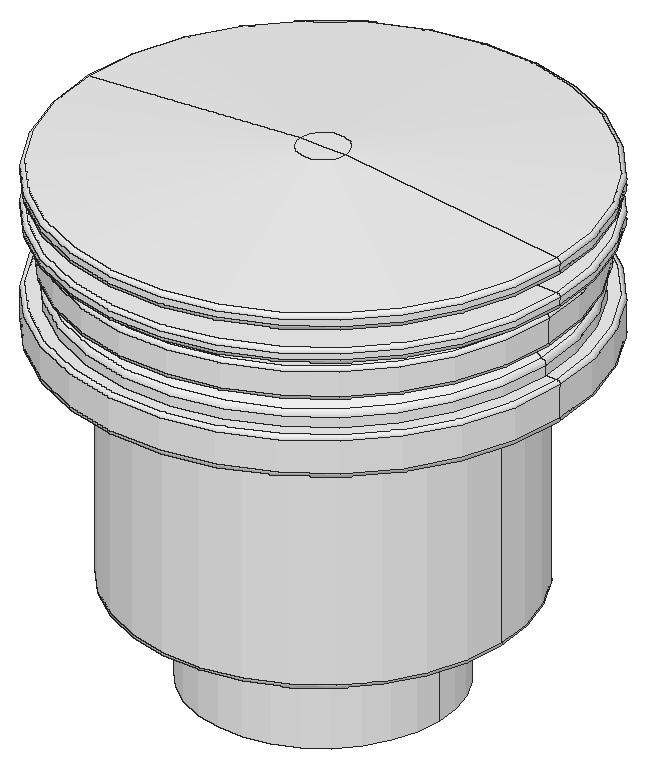
Revit family "Plum Fix_Waste_Argent_Pop Up Waste 32mm", category Plumbing Fixtures, Revit 2016
Family settings
  Part Type = Normal
  Round Connector Dimension = Use Diameter
  OmniClass Number = 23.45.55.21
  OmniClass Title = Drains (Wastes)
  Work Plane-Based = No
  Always vertical = Yes
  Cut with Voids When Loaded = No
  Shared = No
  Room Calculation Point = No
Parameters (values of type "Chrome")
  Waste Connection = yes
  WFU = 0
  Vent Connection = no
  URL = "https://www.argentaust.com.au/"
  Type Comments = "Chrome finish"  # constant formula
  ModifiedIssue_ANZRS = 20190423
  Model = "K316-D"  # constant formula
  Manufacturer_URL__Product Specific = "https://www.argentaust.com.au/argent-basins-bottletraps-wastes-pop-waste-32mm-2-piece?item=8546"
  Manufacturer_Spec Code = Model  # "K316-D"
  Manufacturer_Overall Width = 65 mm  # constant formula
  Manufacturer_Overall Height = 65 mm  # constant formula
  Manufacturer_Overall Depth = 65 mm  # constant formula
  Manufacturer_Height From FFL [instance] = 0 mm
  Manufacturer = "Argent"  # constant formula
  Keynote = ""
  HWFU = 0
  HW Connection = no
  Description = "Pop-Up Waste 32mm 2 Piece"  # constant formula
  CreatedBy_ANZRS = "IGS BIM Solutions"  # constant formula
  CreatedByURL_ANZRS = "https://igsgroup.com.au/"
  Cost = 0
  CWFU = 0
  CW Connection = no
  Body Material = z_Argent_Chrome
  Assembly Code = ""
Reference planes
  plane 1 "Ref. Level": z = 0
  plane 2 "Bottom": z = 0
  plane 3 "Center (Left/Right)": x = 37.431
  plane 4 "Center of tap": y = -236.14
  plane 5 "Top": z = 65
  plane 6 "Front": y = -268.64
  plane 7 "Right": x = 69.931
  plane 8 "Left": x = 4.931
  plane 9 "Back": y = -203.64
  plane 10 "Top Offset": z = 50
  plane 11 "Bottom Offset": z = 12
  plane 12 "Top Offset Ref.": z = 60.488
Forms (mm)
  Revolve 1, solid, material "z_Argent_Chrome" <- "Body Material"
    sketch origin (0, -236.14, 0) x (-1, 0, 0) y (0, 0, 1)
      loop
        line (-37.431, 0) -> (-21.431, 0) -> (-21.431, 12) -> (-37.431, 12) -> (-37.431, 0)
      axis (-37.431, 12) -> (-37.431, 0)
    angle from 0 to 360
  Revolve 2, solid, material "z_Argent_Chrome" <- "Body Material"
    sketch origin (0, -236.14, 26.351) x (-1, 0, 0) y (0, 0, 1)
      loop
        arc (-6.931, 24.813) -> (-6.577, 24.96) -> (-6.431, 25.313) r 0.5
        line (-6.431, 25.313) -> (-6.431, 28.313)
        arc (-6.431, 28.313) -> (-6.577, 28.667) -> (-6.931, 28.813) r 0.5
        line (-6.931, 28.813) -> (-37.431, 28.813) -> (-37.431, 24.813) -> (-6.931, 24.813)
      axis (-37.431, 28.813) -> (-37.431, 24.813)
    angle from 0 to 360
  Revolve 3, solid, material "z_Argent_Chrome" <- "Body Material"
    sketch origin (0, -236.14, 26.351) x (-1, 0, 0) y (0, 0, 1)
      loop
        line (-6.974, 21.197) -> (-6.974, 22.412)
        arc (-6.974, 22.412) -> (-7.11, 22.889) -> (-7.479, 23.22) r 0.899
        line (-7.479, 23.22) -> (-10.744, 24.813) -> (-37.431, 24.813) -> (-37.431, 21.197) -> (-6.974, 21.197)
      loop
        line (-37.431, 31.894) -> (-12.431, 31.894) -> (-12.431, 34.137) -> (-37.431, 34.137) -> (-37.431, 31.894)
      axis (-37.431, 34.137) -> (-37.431, 21.197)
    angle from 0 to 360
  Revolve 4, solid, material "z_Argent_Chrome" <- "Body Material"
    sketch origin (0, -236.14, 26.351) x (-1, 0, 0) y (0, 0, 1)
      loop
        line (-12.961, -13.831) -> (-12.961, 12.981)
        arc (-12.961, 12.981) -> (-12.759, 13.592) -> (-12.234, 13.964) r 1.028
        line (-12.234, 13.964) -> (-5.39, 16.056)
        arc (-5.39, 16.056) -> (-5.058, 16.291) -> (-4.931, 16.677) r 0.649
        line (-4.931, 16.677) -> (-4.931, 20.697)
        arc (-4.931, 20.697) -> (-5.077, 21.05) -> (-5.431, 21.197) r 0.5
        line (-5.431, 21.197) -> (-37.431, 21.197) -> (-37.431, -14.351) -> (-13.481, -14.351)
        arc (-13.481, -14.351) -> (-13.113, -14.199) -> (-12.961, -13.831) r 0.52
      loop
        line (-37.431, 31.894) -> (-37.431, 28.813) -> (-13.795, 28.813) -> (-8.965, 30.107) -> (-5.431, 30.107)
        arc (-5.431, 30.107) -> (-5.077, 30.254) -> (-4.931, 30.607) r 0.5
        line (-4.931, 30.607) -> (-4.931, 31.394)
        arc (-4.931, 31.394) -> (-5.077, 31.748) -> (-5.431, 31.894) r 0.5
        line (-5.431, 31.894) -> (-37.431, 31.894)
      loop
        line (-37.431, 34.139) -> (-5.531, 34.139)
        arc (-5.531, 34.139) -> (-5.106, 34.315) -> (-4.931, 34.739) r 0.6
        line (-4.931, 34.739) -> (-4.931, 35.555)
        arc (-4.931, 35.555) -> (-5.069, 35.934) -> (-5.418, 36.135) r 0.589
        arc (-5.418, 36.135) -> (-19.844, 38.019) -> (-34.38, 38.649) r 168.122
        line (-34.38, 38.649) -> (-37.431, 38.649) -> (-37.431, 34.139)
      axis (-37.431, 38.649) -> (-37.431, -14.351)
    angle from 0 to 360
Lines and regions (mm)
  Masking region 1
    outline origin (0, -268.64, 0) x (-1, 0, 0) y (0, 0, 1)
      loop
        line (-53.431, 0) -> (-21.431, 0) -> (-21.431, 12) -> (-13.431, 12)
        arc (-13.431, 12) -> (-13.077, 12.146) -> (-12.931, 12.5) r 0.5
        line (-12.931, 12.5) -> (-12.931, 39.369)
        arc (-12.931, 39.369) -> (-12.735, 39.964) -> (-12.223, 40.326) r 1
        line (-12.223, 40.326) -> (-5.378, 42.418)
        arc (-5.378, 42.418) -> (-5.055, 42.647) -> (-4.931, 43.023) r 0.632
        line (-4.931, 43.023) -> (-4.931, 47.048)
        arc (-4.931, 47.048) -> (-5.077, 47.401) -> (-5.431, 47.548) r 0.5
        line (-5.431, 47.548) -> (-6.974, 47.548) -> (-6.974, 48.713)
        arc (-6.974, 48.713) -> (-7.123, 49.232) -> (-7.524, 49.594) r 0.98
        line (-7.524, 49.594) -> (-10.744, 51.164) -> (-6.963, 51.164)
        arc (-6.963, 51.164) -> (-6.61, 51.311) -> (-6.463, 51.664) r 0.5
        line (-6.463, 51.664) -> (-6.463, 54.664)
        arc (-6.463, 54.664) -> (-6.61, 55.018) -> (-6.963, 55.164) r 0.5
        line (-6.963, 55.164) -> (-13.795, 55.164) -> (-8.965, 56.458) -> (-5.431, 56.458)
        arc (-5.431, 56.458) -> (-5.077, 56.605) -> (-4.931, 56.958) r 0.5
        line (-4.931, 56.958) -> (-4.931, 57.746)
        arc (-4.931, 57.746) -> (-5.077, 58.099) -> (-5.431, 58.246) r 0.5
        line (-5.431, 58.246) -> (-12.431, 58.246) -> (-12.431, 60.488) -> (-5.431, 60.488)
        arc (-5.431, 60.488) -> (-5.077, 60.635) -> (-4.931, 60.988) r 0.5
        line (-4.931, 60.988) -> (-4.931, 61.866)
        arc (-4.931, 61.866) -> (-5.08, 62.277) -> (-5.46, 62.495) r 0.639
        arc (-5.46, 62.495) -> (-19.183, 64.313) -> (-33.009, 65) r 168.895
        line (-33.009, 65) -> (-41.853, 65)
        arc (-41.853, 65) -> (-55.679, 64.313) -> (-69.402, 62.495) r 168.895
        arc (-69.402, 62.495) -> (-69.781, 62.277) -> (-69.931, 61.866) r 0.639
        line (-69.931, 61.866) -> (-69.931, 60.988)
        arc (-69.931, 60.988) -> (-69.784, 60.635) -> (-69.431, 60.488) r 0.5
        line (-69.431, 60.488) -> (-62.431, 60.488) -> (-62.431, 58.246) -> (-69.431, 58.246)
        arc (-69.431, 58.246) -> (-69.784, 58.099) -> (-69.931, 57.746) r 0.5
        line (-69.931, 57.746) -> (-69.931, 56.958)
        arc (-69.931, 56.958) -> (-69.784, 56.605) -> (-69.431, 56.458) r 0.5
        line (-69.431, 56.458) -> (-65.896, 56.458) -> (-61.067, 55.164) -> (-67.898, 55.164)
        arc (-67.898, 55.164) -> (-68.252, 55.018) -> (-68.398, 54.664) r 0.5
        line (-68.398, 54.664) -> (-68.398, 51.664)
        arc (-68.398, 51.664) -> (-68.252, 51.311) -> (-67.898, 51.164) r 0.5
        line (-67.898, 51.164) -> (-64.118, 51.164) -> (-67.337, 49.594)
        arc (-67.337, 49.594) -> (-67.739, 49.232) -> (-67.888, 48.713) r 0.98
        line (-67.888, 48.713) -> (-67.888, 47.548) -> (-69.431, 47.548)
        arc (-69.431, 47.548) -> (-69.784, 47.401) -> (-69.931, 47.048) r 0.5
        line (-69.931, 47.048) -> (-69.931, 43.023)
        arc (-69.931, 43.023) -> (-69.807, 42.647) -> (-69.483, 42.418) r 0.632
        line (-69.483, 42.418) -> (-62.638, 40.326)
        arc (-62.638, 40.326) -> (-62.127, 39.964) -> (-61.931, 39.369) r 1
        line (-61.931, 39.369) -> (-61.931, 12.5)
        arc (-61.931, 12.5) -> (-61.784, 12.146) -> (-61.431, 12) r 0.5
        line (-61.431, 12) -> (-53.431, 12) -> (-53.431, 0)
  Masking region 2
    outline origin (69.931, 0, 0) x (0, -1, 0) y (0, 0, 1)
      loop
        line (252.14, 0) -> (252.14, 12) -> (260.14, 12)
        arc (260.14, 12) -> (260.494, 12.146) -> (260.64, 12.5) r 0.5
        line (260.64, 12.5) -> (260.64, 39.479)
        arc (260.64, 39.479) -> (260.803, 39.974) -> (261.229, 40.274) r 0.832
        line (261.229, 40.274) -> (268.127, 42.383)
        arc (268.127, 42.383) -> (268.498, 42.645) -> (268.64, 43.077) r 0.726
        line (268.64, 43.077) -> (268.64, 47.048)
        arc (268.64, 47.048) -> (268.494, 47.401) -> (268.14, 47.548) r 0.5
        line (268.14, 47.548) -> (266.615, 47.548) -> (266.615, 48.717)
        arc (266.615, 48.717) -> (266.469, 49.226) -> (266.076, 49.58) r 0.961
        line (266.076, 49.58) -> (262.827, 51.164) -> (266.64, 51.164)
        arc (266.64, 51.164) -> (266.994, 51.311) -> (267.14, 51.664) r 0.5
        line (267.14, 51.664) -> (267.14, 54.664)
        arc (267.14, 54.664) -> (266.994, 55.018) -> (266.64, 55.164) r 0.5
        line (266.64, 55.164) -> (259.873, 55.164) -> (264.606, 56.458) -> (268.116, 56.458)
        arc (268.116, 56.458) -> (268.487, 56.612) -> (268.64, 56.982) r 0.524
        line (268.64, 56.982) -> (268.64, 57.765)
        arc (268.64, 57.765) -> (268.494, 58.119) -> (268.14, 58.265) r 0.5
        line (268.14, 58.265) -> (261.14, 58.265) -> (261.14, 60.488) -> (268.14, 60.488)
        arc (268.14, 60.488) -> (268.494, 60.635) -> (268.64, 60.988) r 0.5
        line (268.64, 60.988) -> (268.64, 61.835)
        arc (268.64, 61.835) -> (268.484, 62.267) -> (268.087, 62.498) r 0.674
        arc (268.087, 62.498) -> (254.582, 64.373) -> (240.961, 65) r 148.284
        line (240.961, 65) -> (231.319, 65)
        arc (231.319, 65) -> (217.699, 64.373) -> (204.193, 62.498) r 148.284
        arc (204.193, 62.498) -> (203.797, 62.267) -> (203.64, 61.835) r 0.674
        line (203.64, 61.835) -> (203.64, 60.988)
        arc (203.64, 60.988) -> (203.787, 60.635) -> (204.14, 60.488) r 0.5
        line (204.14, 60.488) -> (211.14, 60.488) -> (211.14, 58.265) -> (204.14, 58.265)
        arc (204.14, 58.265) -> (203.787, 58.119) -> (203.64, 57.765) r 0.5
        line (203.64, 57.765) -> (203.64, 56.982)
        arc (203.64, 56.982) -> (203.794, 56.612) -> (204.164, 56.458) r 0.524
        line (204.164, 56.458) -> (207.675, 56.458) -> (212.407, 55.164) -> (205.64, 55.164)
        arc (205.64, 55.164) -> (205.287, 55.018) -> (205.14, 54.664) r 0.5
        line (205.14, 54.664) -> (205.14, 51.664)
        arc (205.14, 51.664) -> (205.287, 51.311) -> (205.64, 51.164) r 0.5
        line (205.64, 51.164) -> (209.453, 51.164) -> (206.205, 49.58)
        arc (206.205, 49.58) -> (205.811, 49.226) -> (205.665, 48.717) r 0.961
        line (205.665, 48.717) -> (205.665, 47.548) -> (204.14, 47.548)
        arc (204.14, 47.548) -> (203.787, 47.401) -> (203.64, 47.048) r 0.5
        line (203.64, 47.048) -> (203.64, 43.077)
        arc (203.64, 43.077) -> (203.783, 42.645) -> (204.154, 42.383) r 0.726
        line (204.154, 42.383) -> (211.052, 40.274)
        arc (211.052, 40.274) -> (211.477, 39.974) -> (211.64, 39.479) r 0.832
        line (211.64, 39.479) -> (211.64, 12.5)
        arc (211.64, 12.5) -> (211.787, 12.146) -> (212.14, 12) r 0.5
        line (212.14, 12) -> (220.14, 12) -> (220.14, 0) -> (252.14, 0)
  Masking region 3
    outline origin (0, 0, 65) x (-1, 0, 0) y (0, -1, 0)
      loop
        circle (-37.431, 236.14) r 32.5
  symbolic lines, style "Waste Outlets", detail levels medium+fine
    curve 1: line (12.431, -268.64, 60.488) -> (62.431, -268.64, 60.488)
    curve 2: line (12.431, -268.64, 58.246) -> (62.431, -268.64, 58.246)
    curve 4: line (61.067, -268.64, 55.164) -> (13.795, -268.64, 55.164)
    curve 6: line (67.888, -268.64, 47.548) -> (6.974, -268.64, 47.548)
    curve 8: line (69.931, -261.14, 60.488) -> (69.931, -211.14, 60.488)
    curve 9: line (69.931, -211.14, 58.265) -> (69.931, -261.14, 58.265)
    curve 11: line (69.931, -212.407, 55.164) -> (69.931, -259.873, 55.164)
    curve 13: line (69.931, -205.665, 47.548) -> (69.931, -266.615, 47.548)
  symbolic lines, style "Waste Outlets", detail levels fine
    curve 3: line (8.965, -268.64, 56.458) -> (65.896, -268.64, 56.458)
    curve 5: line (10.744, -268.64, 51.164) -> (64.118, -268.64, 51.164)
    curve 7: line (53.431, -268.64, 12) -> (21.431, -268.64, 12)
    curve 10: line (69.931, -264.606, 56.458) -> (69.931, -207.675, 56.458)
    curve 12: line (69.931, -262.827, 51.164) -> (69.931, -209.453, 51.164)
    curve 14: line (69.931, -252.14, 12) -> (69.931, -220.14, 12)
Text (mm)
  text "Disclaimer:\n\nDue to ongoing product development and manufacturing evolution, product details are subject to change without notice. Please refer to product technical data sheets on the manufacturer’s website for the most current product information. Please allow a +/- 5mm manufacturing tolerance for dimensions and set-outs shown in product literature." at (114.034, -167.777, 0), in view "Ref. Level_Instruction"
Dimensions and locks
  "Manufacturer_Height From FFL": plane 2 "Bottom" to plane 1 "Ref. Level"
  "Manufacturer_Overall Width": plane 8 "Left" to plane 7 "Right"
  "Manufacturer_Overall Depth": plane 9 "Back" to plane 6 "Front"
  "Manufacturer_Overall Height": plane 5 "Top" to plane 2 "Bottom"
  equal spacing: plane 8 "Left", plane 3 "Center (Left/Right)", plane 7 "Right"
  locked: plane 11 "Bottom Offset" to plane 2 "Bottom" at 12
  equal spacing: plane 9 "Back", plane 4 "Center of tap", plane 6 "Front"
  locked: plane 5 "Top" to plane 10 "Top Offset" at 15
  locked: plane 5 "Top" to plane 12 "Top Offset Ref." at 4.512
  aligned and locked: plane 2 "Bottom" to Revolve 1 sketch curve
  aligned and locked: plane 11 "Bottom Offset" to Revolve 1 sketch curve
  aligned and locked: Masking region 1 sketch curve to Revolve 3  (x4)
  aligned and locked: Masking region 1 sketch curve to Revolve 4  (x2)
  aligned and locked: Masking region 2 sketch curve to Revolve 1  (x2)
  aligned and locked: Masking region 2 sketch curve to Revolve 3
  aligned and locked: Masking region 2 sketch curve to Revolve 4
  aligned and locked: plane 4 "Center of tap" to Masking region 3 sketch curve
  aligned and locked: plane 3 "Center (Left/Right)" to Masking region 3 sketch curve
Automatic sketch dimensions
  plane 3 "Center (Left/Right)" to Revolve 1 sketch curve = 0 mm  (x2)
  Revolve 1 sketch curve to plane 2 "Bottom" = 0 mm
  Revolve 1 sketch curve to plane 11 "Bottom Offset" = 0 mm
  Revolve 1 sketch curve to Revolve 1 sketch curve = 16 mm
  plane 3 "Center (Left/Right)" to Revolve 3 sketch curve = 0 mm  (x3)
  Revolve 3 sketch curve to plane 8 "Left" = 7.5 mm
  plane 10 "Top Offset" to Revolve 3 sketch curve = 1.164 mm
  Revolve 3 sketch curve to plane 8 "Left" = 5.813 mm
  Revolve 3 sketch curve to plane 10 "Top Offset" = 1.236 mm
  Revolve 3 sketch curve to plane 8 "Left" = 2.942 mm
  Revolve 3 sketch curve to plane 10 "Top Offset" = 0.428 mm
  Revolve 3 sketch curve to Revolve 3 sketch curve = 0.394 mm
  Revolve 3 sketch curve to Revolve 3 sketch curve = 1.216 mm
  Revolve 3 sketch curve to plane 5 "Top" = 6.754 mm
  Revolve 3 sketch curve to Revolve 3 sketch curve = 2.243 mm
  plane 11 "Bottom Offset" to Revolve 3 sketch curve = 14.351 mm
  plane 5 "Top" to Revolve 3 sketch curve = 7.35 mm
  plane 3 "Center (Left/Right)" to Revolve 2 sketch curve = 0 mm  (x2)
  plane 10 "Top Offset" to Revolve 2 sketch curve = 1.164 mm
  Revolve 2 sketch curve to plane 8 "Left" = 2 mm  (x2)
  Revolve 2 sketch curve to Revolve 2 sketch curve = 0.5 mm
  Revolve 2 sketch curve to Revolve 2 sketch curve = 3 mm
  plane 11 "Bottom Offset" to Revolve 2 sketch curve = 14.351 mm
  plane 5 "Top" to Revolve 2 sketch curve = 7.35 mm
  Revolve 4 sketch curve to plane 3 "Center (Left/Right)" = 0 mm
  plane 3 "Center (Left/Right)" to Revolve 4 sketch curve = 0 mm  (x3)
  Revolve 4 sketch curve to plane 5 "Top" = 0 mm
  Revolve 4 sketch curve to plane 11 "Bottom Offset" = 0 mm
  plane 8 "Left" to Revolve 4 sketch curve = 0 mm  (x3)
  Revolve 4 sketch curve to Revolve 4 sketch curve = 3.051 mm
  Revolve 4 sketch curve to plane 8 "Left" = 8.864 mm
  plane 11 "Bottom Offset" to Revolve 4 sketch curve = 0.52 mm
  Revolve 4 sketch curve to plane 8 "Left" = 8.55 mm
  Revolve 4 sketch curve to Revolve 4 sketch curve = 0.727 mm
  Revolve 4 sketch curve to Revolve 4 sketch curve = 0.3 mm
  Revolve 4 sketch curve to plane 8 "Left" = 4.034 mm
  Revolve 4 sketch curve to Revolve 4 sketch curve = 0.649 mm
  Revolve 4 sketch curve to Revolve 4 sketch curve = 0.5 mm  (x3)
  Revolve 4 sketch curve to plane 8 "Left" = 0.459 mm
  Revolve 4 sketch curve to plane 8 "Left" = 0.6 mm
  Revolve 4 sketch curve to plane 8 "Left" = 0.589 mm
  Revolve 4 sketch curve to plane 2 "Bottom" = 103.122 mm
  Revolve 4 sketch curve to plane 10 "Top Offset" = 10.668 mm
  Revolve 4 sketch curve to Revolve 4 sketch curve = 2.092 mm
  Revolve 4 sketch curve to plane 10 "Top Offset" = 2.952 mm
  plane 10 "Top Offset" to Revolve 4 sketch curve = 5.164 mm
  Revolve 4 sketch curve to Revolve 4 sketch curve = 1.294 mm
  Revolve 4 sketch curve to Revolve 4 sketch curve = 0.787 mm
  Revolve 4 sketch curve to Revolve 4 sketch curve = 2.245 mm
  Revolve 4 sketch curve to Revolve 4 sketch curve = 0.816 mm
  Revolve 4 sketch curve to Revolve 4 sketch curve = 45.999 mm
  Revolve 4 sketch curve to level = 357.65 mm
  plane 7 "Right" to Masking region 1 sketch curve = 0 mm  (x3)
  Masking region 1 sketch curve to plane 11 "Bottom Offset" = 0 mm  (x2)
  Masking region 1 sketch curve to plane 2 "Bottom" = 0 mm
  Masking region 1 sketch curve to plane 5 "Top" = 0 mm
  plane 8 "Left" to Masking region 1 sketch curve = 0 mm  (x3)
  plane 7 "Right" to Masking region 1 sketch curve = 0.447 mm
  Masking region 1 sketch curve to Masking region 1 sketch curve = 0.5 mm  (x6)
  plane 7 "Right" to Masking region 1 sketch curve = 0.5 mm  (x3)
  Masking region 1 sketch curve to Masking region 1 sketch curve = 0.632 mm  (x2)
  Masking region 1 sketch curve to Masking region 1 sketch curve = 0.639 mm  (x2)
  plane 7 "Right" to Masking region 1 sketch curve = 1.532 mm
  Masking region 1 sketch curve to Masking region 1 sketch curve = 1.543 mm
  Masking region 1 sketch curve to plane 10 "Top Offset" = 0.406 mm  (x2)
  Masking region 1 sketch curve to Masking region 1 sketch curve = 0.551 mm
  Masking region 1 sketch curve to Masking region 1 sketch curve = 0.98 mm
  Masking region 1 sketch curve to Masking region 1 sketch curve = 2.002 mm
  plane 10 "Top Offset" to Masking region 1 sketch curve = 1.164 mm
  Masking region 1 sketch curve to Masking region 1 sketch curve = 3.22 mm
  plane 7 "Right" to Masking region 1 sketch curve = 7 mm
  Masking region 1 sketch curve to Masking region 1 sketch curve = 0.292 mm  (x2)
  Masking region 1 sketch curve to Masking region 1 sketch curve = 3.466 mm  (x2)
  plane 11 "Bottom Offset" to Masking region 1 sketch curve = 0.5 mm  (x2)
  plane 7 "Right" to Masking region 1 sketch curve = 8 mm
  Masking region 1 sketch curve to Masking region 1 sketch curve = 1.364 mm  (x2)
  Masking region 1 sketch curve to Masking region 1 sketch curve = 8 mm  (x2)
  Masking region 1 sketch curve to plane 3 "Center (Left/Right)" = 4.422 mm
  Masking region 1 sketch curve to plane 3 "Center (Left/Right)" = 2.954 mm
  plane 3 "Center (Left/Right)" to Masking region 1 sketch curve = 2.954 mm
  plane 3 "Center (Left/Right)" to Masking region 1 sketch curve = 4.422 mm
  plane 3 "Center (Left/Right)" to Masking region 1 sketch curve = 16 mm
  Masking region 1 sketch curve to plane 8 "Left" = 8.864 mm
  Masking region 1 sketch curve to Masking region 1 sketch curve = 0.708 mm
  Masking region 1 sketch curve to Masking region 1 sketch curve = 3.051 mm
  Masking region 1 sketch curve to plane 10 "Top Offset" = 1.287 mm
  Masking region 1 sketch curve to plane 8 "Left" = 3.023 mm
  Masking region 1 sketch curve to Masking region 1 sketch curve = 0.43 mm
  Masking region 1 sketch curve to plane 8 "Left" = 2.032 mm  (x2)
  Masking region 1 sketch curve to plane 8 "Left" = 0.5 mm  (x2)
  Masking region 1 sketch curve to plane 8 "Left" = 0.447 mm
  Masking region 1 sketch curve to plane 2 "Bottom" = 103.888 mm
  Masking region 1 sketch curve to Masking region 1 sketch curve = 0 mm
  Masking region 1 sketch curve to Masking region 1 sketch curve = 8.179 mm
  Masking region 1 sketch curve to Masking region 1 sketch curve = 9.344 mm
  Masking region 1 sketch curve to Masking region 1 sketch curve = 4.63 mm
  Masking region 1 sketch curve to Masking region 1 sketch curve = 6.295 mm
  Masking region 1 sketch curve to Masking region 1 sketch curve = 1.665 mm
  Masking region 1 sketch curve to Masking region 1 sketch curve = 3 mm
  Masking region 1 sketch curve to Masking region 1 sketch curve = 1.294 mm
  Masking region 1 sketch curve to Masking region 1 sketch curve = 0.787 mm
  Masking region 1 sketch curve to Masking region 1 sketch curve = 2.243 mm
  Masking region 1 sketch curve to Masking region 1 sketch curve = 0.878 mm  (x2)
  curve 7 to plane 11 "Bottom Offset" = 0 mm
  plane 7 "Right" to curve 6 = 2.043 mm
  plane 7 "Right" to curve 3 = 4.034 mm
  plane 10 "Top Offset" to curve 5 = 1.164 mm
  curve 6 to curve 5 = 3.77 mm
  curve 3 to curve 1 = 3.466 mm
  curve 2 to curve 1 = 0 mm  (x2)
  curve 2 to curve 4 = 1.364 mm
  curve 7 to plane 3 "Center (Left/Right)" = 16 mm
  plane 3 "Center (Left/Right)" to curve 7 = 16 mm
  curve 4 to plane 8 "Left" = 8.864 mm
  curve 4 to curve 2 = 1.364 mm
  curve 4 to curve 5 = 3.051 mm
  curve 2 to curve 3 = 3.466 mm
  curve 6 to plane 8 "Left" = 2.043 mm
  curve 6 to plane 10 "Top Offset" = 2.452 mm
  curve 5 to curve 4 = 4 mm
  curve 4 to curve 3 = 1.294 mm
  curve 4 to curve 2 = 3.081 mm
  curve 2 to curve 1 = 2.243 mm
  Masking region 2 sketch curve to plane 9 "Back" = 0 mm  (x3)
  Masking region 2 sketch curve to plane 11 "Bottom Offset" = 0 mm
  Masking region 2 sketch curve to plane 5 "Top" = 0 mm
  Masking region 2 sketch curve to plane 6 "Front" = 0 mm  (x3)
  Masking region 2 sketch curve to plane 9 "Back" = 0.5 mm  (x3)
  Masking region 2 sketch curve to plane 9 "Back" = 0.513 mm
  Masking region 2 sketch curve to plane 9 "Back" = 0.524 mm
  Masking region 2 sketch curve to Masking region 2 sketch curve = 0.674 mm
  Masking region 2 sketch curve to Masking region 2 sketch curve = 0.212 mm
  Masking region 2 sketch curve to plane 9 "Back" = 1.5 mm
  Masking region 2 sketch curve to Masking region 2 sketch curve = 0.5 mm  (x4)
  Masking region 2 sketch curve to Masking region 2 sketch curve = 1.525 mm
  Masking region 2 sketch curve to plane 10 "Top Offset" = 0.42 mm  (x2)
  Masking region 2 sketch curve to Masking region 2 sketch curve = 0.54 mm
  Masking region 2 sketch curve to Masking region 2 sketch curve = 0.421 mm  (x2)
  Masking region 2 sketch curve to Masking region 2 sketch curve = 2.034 mm
  plane 10 "Top Offset" to Masking region 2 sketch curve = 1.164 mm
  Masking region 2 sketch curve to Masking region 2 sketch curve = 3.249 mm
  Masking region 2 sketch curve to plane 9 "Back" = 7.168 mm
  Masking region 2 sketch curve to Masking region 2 sketch curve = 0.243 mm  (x2)
  Masking region 2 sketch curve to Masking region 2 sketch curve = 3.466 mm  (x2)
  Masking region 2 sketch curve to Masking region 2 sketch curve = 0.832 mm
  Masking region 2 sketch curve to Masking region 2 sketch curve = 1.267 mm  (x2)
  Masking region 2 sketch curve to Masking region 2 sketch curve = 8 mm  (x2)
  plane 4 "Center of tap" to Masking region 2 sketch curve = 4.821 mm
  Masking region 2 sketch curve to plane 4 "Center of tap" = 4.821 mm
  Masking region 2 sketch curve to plane 4 "Center of tap" = 16 mm
  plane 6 "Front" to Masking region 2 sketch curve = 8.767 mm
  plane 6 "Front" to Masking region 2 sketch curve = 8 mm
  Masking region 2 sketch curve to Masking region 2 sketch curve = 0.589 mm
  Masking region 2 sketch curve to Masking region 2 sketch curve = 2.954 mm
  Masking region 2 sketch curve to plane 10 "Top Offset" = 1.283 mm
  plane 6 "Front" to Masking region 2 sketch curve = 2.986 mm
  plane 6 "Front" to Masking region 2 sketch curve = 2 mm  (x2)
  Masking region 2 sketch curve to Masking region 2 sketch curve = 0.726 mm
  plane 6 "Front" to Masking region 2 sketch curve = 0.674 mm
  plane 6 "Front" to Masking region 2 sketch curve = 0.524 mm
  plane 6 "Front" to Masking region 2 sketch curve = 0.513 mm
  plane 6 "Front" to Masking region 2 sketch curve = 0.5 mm  (x3)
  Masking region 2 sketch curve to Masking region 2 sketch curve = 0 mm
  Masking region 2 sketch curve to Masking region 2 sketch curve = 9.238 mm  (x2)
  Masking region 2 sketch curve to Masking region 2 sketch curve = 6.333 mm  (x2)
  Masking region 2 sketch curve to Masking region 2 sketch curve = 1.669 mm  (x2)
  Masking region 2 sketch curve to Masking region 2 sketch curve = 3 mm
  Masking region 2 sketch curve to Masking region 2 sketch curve = 1.294 mm  (x2)
  Masking region 2 sketch curve to Masking region 2 sketch curve = 0.783 mm  (x2)
  Masking region 2 sketch curve to Masking region 2 sketch curve = 2.223 mm  (x2)
  Masking region 2 sketch curve to Masking region 2 sketch curve = 0.847 mm  (x2)
  Masking region 2 sketch curve to plane 9 "Back" = 0.553 mm
  curve 14 to plane 11 "Bottom Offset" = 0 mm
  curve 13 to plane 9 "Back" = 2.025 mm
  curve 10 to plane 9 "Back" = 4.034 mm
  plane 10 "Top Offset" to curve 12 = 1.164 mm
  curve 13 to curve 12 = 3.788 mm
  curve 10 to curve 9 = 3.466 mm
  curve 8 to curve 9 = 0 mm  (x2)
  curve 9 to curve 11 = 1.267 mm
  plane 4 "Center of tap" to curve 14 = 16 mm
  curve 14 to plane 4 "Center of tap" = 16 mm
  plane 6 "Front" to curve 11 = 8.767 mm
  curve 11 to curve 9 = 1.267 mm
  curve 11 to curve 12 = 2.954 mm
  curve 9 to curve 10 = 3.466 mm
  plane 6 "Front" to curve 13 = 2.025 mm
  curve 13 to plane 10 "Top Offset" = 2.452 mm
  curve 12 to curve 11 = 4 mm
  curve 11 to curve 10 = 1.294 mm
  curve 11 to curve 9 = 3.101 mm
  curve 9 to curve 8 = 2.223 mm
  radius of Masking region 3 sketch curve = 32.5 mm
